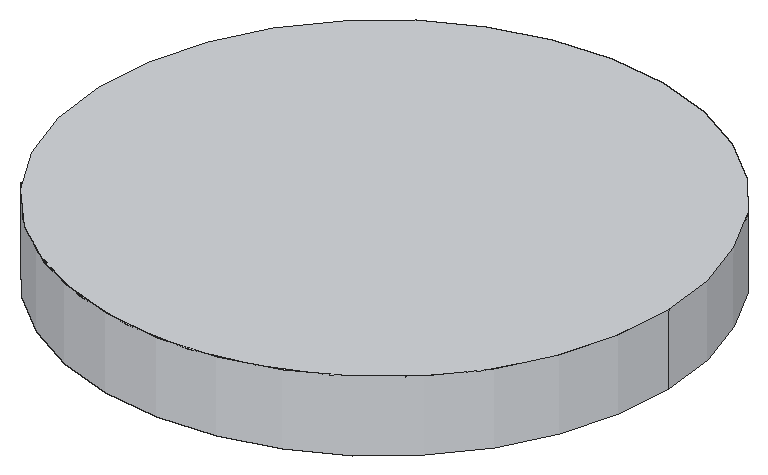
Revit family "6da8c7c9ab3e49f5a8cd63905e416fe3", category Communication Devices, host Face, Revit 2021
Family settings
  Host = Face
  Maintain Annotation Orientation = Yes
  Round Connector Dimension = Use Diameter
  Part Type = Normal
  OmniClass Number = 23.85.50.31
  OmniClass Title = Intercom Systems
  Seek Item ID = Intercom Substation-0000-USA-ENU
  Cut with Voids When Loaded = No
  Shared = No
  Room Calculation Point = No
Parameters (values of type "Standard")
  Radius = Diameter * 0.5  # 0' - 4"
  Length 1 = 0' - 1"
  Label = "IC"
  Diameter = 0' - 8"
  Default Elevation = 4' - 0"
Reference planes (in)
  plane 1 "Center (Front/Back)": y = 0
  plane 2: z = 0
  plane 3 "Center (Left/Right)": x = 0
  plane 4: z = 1
Forms (in)
  Extrusion 1, solid
    sketch origin (0, 0, 0) x (1, 0, 0) y (0, 1, 0)
      loop
        circle (0, 0) r 4
    from 0 to 1
Lines and regions (in)
  symbolic lines, detail levels fine
    curve 1: arc (4, 0, 0) -> (0, 4, 0) -> (-4, 0, 0) r 4
    curve 2: arc (-4, 0, 0) -> (0, -4, 0) -> (4, 0, 0) r 4
Dimensions and locks (in)
  "Length 1": plane 4 to plane 2
  "Radius": radius of Extrusion 1 sketch curve
  aligned and locked: plane 2 to host face
  aligned and locked: level to host face
  aligned and locked: plane 1 "Center (Front/Back)" to Extrusion 1 sketch curve
  aligned and locked: plane 3 "Center (Left/Right)" to Extrusion 1 sketch curve
  aligned and locked: plane 4 to Extrusion 1
  aligned and locked: Extrusion 1 to plane 2
  aligned and locked: curve 1 to Extrusion 1
  aligned and locked: curve 2 to Extrusion 1
Automatic sketch dimensions
  host sketch curve to host sketch curve = 8' - 0"  (x2)
Nested families (in)
  nested 1: "Intercom Substation Annotaion" at (0, 0, 0), type "Intercom Substation Annotation", detail levels coarse+medium
Connectors (in)
  electrical at (0, 0, 0)
    settings: on Extrusion 1, index 1, voltage 0 V, apparent load 0 VA, apparent load phase1 0 VA, apparent load phase2 0 VA, apparent load phase3 0 VA, power factor 1, load classification "Other", number of poles 1, system type 14, power factor state 1, is connector primary yes, connector utility no, sub classification motor no, connector description ""
Definition of nested family "Intercom Substation Annotaion"
  Parameters
    Label Annotation = ""
  Reference planes (in)
    plane 1: y = 0
    plane 2: x = 0
  Lines and regions (in)
    reference lines
      curve 1: line (-0.08594, 0.1652, 0) -> (-0.08594, -0.34888, 0)
      curve 2: line (0.08594, 0.23351, 0) -> (0.08594, -0.34888, 0)
      curve 3: line (-0.2699, 0.09375, 0) -> (0.35142, 0.09375, 0)
      curve 4: line (-0.37147, -0.09375, 0) -> (0.37853, -0.09375, 0)
    detail lines
      curve 5: line (-0.08594, 0.09375, 0) -> (0.08594, 0.09375, 0)
      curve 6: line (-0.08594, -0.09375, 0) -> (-0.08594, 0.09375, 0)
      curve 7: line (0.08594, -0.09375, 0) -> (-0.08594, -0.09375, 0)
      curve 8: line (0.08594, 0.09375, 0) -> (0.08594, -0.09375, 0)
  Text (in)
    label "IC" at (-0.05965, 0.00496, 0), shows "Label Annotation"
  Dimensions and locks (in)
    locked: curve 1 to plane 2 at 0.08594
    locked: plane 2 to curve 2 at 0.08594
    equal spacing: curve 4, plane 1, curve 3
    locked: plane 1 to curve 3 at 0.09375
    aligned and locked: curve 3 to curve 5
    aligned and locked: curve 6 to curve 1
    aligned and locked: curve 7 to curve 4
    aligned and locked: curve 2 to curve 8
